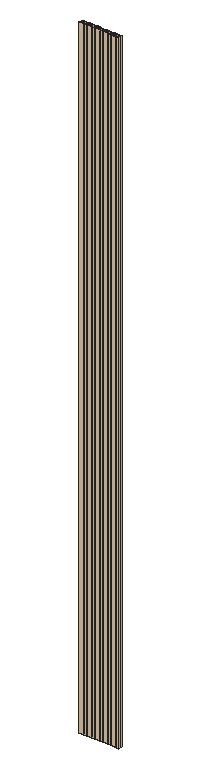
Revit family "SPACER", category Mechanical Equipment, Revit 2017
Family settings
  Round Connector Dimension = Use Diameter
  Part Type = Normal
  Work Plane-Based = No
  Always vertical = Yes
  Cut with Voids When Loaded = No
  Shared = No
  Room Calculation Point = No
Parameters (values of type "Pine")
  URL = ""
  Single = Panel Number = 1  # no
  Panel Number = 5
  Distance between beam = 0 mm
  Array Number = if(Panel Number = 1, 2, Panel Number)  # 5
  Model = "SPACER"
  Manufacturer = "gtoaluminum"
  Height = 3000 mm
  Finish = Pine, Scots
  Description = "This profile is our best-selling item within the 4cm cladding category. It is perfect for covering cracks, peelings, and marks on walls without the need for wall treatment. It can be used for pergolas, fences, doors, ceilings, and both interior and exterior walls. It comes in different shades of wood and other colors or can be painted in a custom color. The installation is straightforward, and the finishing looks seamless without any noticeable screws or marks."
  Bottom Offset = 50 mm
  Array = not(Single)  # yes
Types (8, lengths in mm): name | Panel Number | Distance between beam | Array Number | Height | Finish | Bottom Offset
  (no name) | 5 | 0 | 5 | 3000 | Pine, Scots | 50
  Espresso | 5 | 5 | 5 | 3000 | Espresso | 50
  Oak | 25 | 5 | 25 | 1000 | Wood (Oak) | 0
  Pine | 5 | 0 | 5 | 3000 | Pine, Scots | 50
  Gray | 5 | 5 | 5 | 3000 | Gray | 50
  Charcol | 15 | 5 | 15 | 1500 | Charcol | 50
  Matte | 5 | 5 | 5 | 3000 | Matte | 50
  gloss | 5 | 5 | 5 | 3000 | Gloss | 50
Reference planes
  plane 1 "Center (Front/Back)": y = 0
  plane 2: z = 0
  plane 3 "Center (Left/Right)": x = 0
  plane 4: x = 37
  plane 5: x = 37
Dimensions and locks
  equal spacing: group 1, group 2, group 3, group 4, group 5  (x3)
  locked: plane 3 "Center (Left/Right)" to plane 4 at 37
  "Distance between beam": plane 4 to plane 5
  aligned and locked: level to plane 2
  aligned and locked: plane 3 "Center (Left/Right)" to nested 1
  aligned and locked: plane 3 "Center (Left/Right)" to nested 3
  aligned and locked: plane 5 to nested 2
Nested families
  nested 1: "profile" at (0, 0, 0), visible <- "Array", type "profile"
  nested 2: "profile" at (37, 0, 0), visible <- "Array", type "profile"
  nested 3: "profile" at (0, 0, 0), visible <- "Single", type "profile"
  nested 4: "profile" at (74, 0, 0), visible <- "Array", type "profile"
  nested 5: "profile" at (111, 0, 0), visible <- "Array", type "profile"
  nested 6: "profile" at (148, 0, 0), visible <- "Array", type "profile"
Definition of nested family "profile"
  Parameters (values of type "profile")
    Height = 3000 mm
    Finish = none
    Bottom Offset = 50 mm
  Reference planes
    plane 1 "Center (Front/Back)": y = 0
    plane 2: z = 0
    plane 3 "Center (Left/Right)": x = 0
    plane 4: z = 3000
    plane 5: z = 50
  Forms (mm)
    Extrusion 1, solid, material <- "Finish"
      sketch origin (-100, 1.4, 0) x (1, 0, 0) y (0, 1, 0)
        loop
          line (135.4, 13.95) -> (101.6, 13.95) -> (101.6, 10.85) -> (117.5, 10.85) -> (117.5, 1) -> (100, 1) -> (100, -1.4) -> (137, -1.4) -> (137, 1) -> (119.5, 1) -> (119.5, 10.85) -> (135.4, 10.85) -> (135.4, 13.95)
      from 50 to 3000
  Dimensions and locks
    "Height": plane 4 to plane 2
    "Bottom Offset": plane 5 to level
    aligned and locked: level to plane 2
    aligned and locked: Extrusion 1 to plane 4
    aligned and locked: plane 5 to Extrusion 1
  Automatic sketch dimensions
    plane 3 "Center (Left/Right)" to Extrusion 1 sketch curve = 19.5 mm
    Extrusion 1 sketch curve to plane 1 "Center (Front/Back)" = 12.25 mm
    Extrusion 1 sketch curve to Extrusion 1 sketch curve = 15.9 mm
    Extrusion 1 sketch curve to Extrusion 1 sketch curve = 17.9 mm
    Extrusion 1 sketch curve to Extrusion 1 sketch curve = 9.85 mm
    Extrusion 1 sketch curve to Extrusion 1 sketch curve = 3.1 mm
    Extrusion 1 sketch curve to Extrusion 1 sketch curve = 1.6 mm  (x2)
    Extrusion 1 sketch curve to Extrusion 1 sketch curve = 2 mm
    Extrusion 1 sketch curve to Extrusion 1 sketch curve = 0 mm  (x2)
    Extrusion 1 sketch curve to Extrusion 1 sketch curve = 2.4 mm
